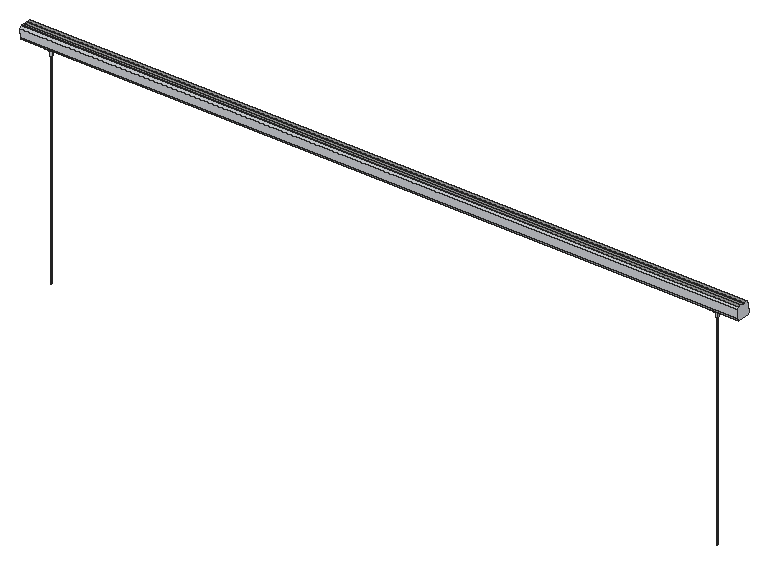
Revit family "0042533 Sylvania Lighting Fixture ISOLINE 3380MM 4K WD 5C", category Lighting Fixtures, host Face, Revit 2018
Family settings
  Host = Face
  Round Connector Dimension = Use Diameter
  Part Type = Normal
  OmniClass Number = 23.80.70.00
  OmniClass Title = Lighting
  Cut with Voids When Loaded = No
  Light Source = Yes
  Shared = No
  Room Calculation Point = No
Parameters (values of type "0042533 ISOLINE 3380MM 4K WD 5C")
  suspension height = 1000 mm
  spacer height = 5 mm
  spacer centres = 1000 mm
  height = 58.791 mm
  Width = 62 mm
  Weight = "n/a"
  Wattage Comments = ""
  Wattage = 9.2903 W
  WarrantyStartDate [instance] = "n/a"
  WarrantyGuarantorParts = "n/a"
  WarrantyDurationUnit = "n/a"
  WarrantyDurationParts = ""
  WarrantyDescription = "http://www.sylvania-lighting.com"
  built-in parameter 1150110 = 1 (stored number, unit not read)
  Voltage = 0 V
  URL = "0"
  TypeName = "ISOLINE 3380MM 4K WD 5C"
  Type Image = <None>
  Type Comments = "n/a"
  built-in parameter 1114217 = 1 (stored number, unit not read)
  Tilt Angle = 90.00°
  built-in parameter 1150109 = 1 (stored number, unit not read)
  built-in parameter 1150134 = 3
  built-in parameter 1150113 = 1 (stored number, unit not read)
  SerialNumber [instance] = "n/a"
  Photometric Web File = "0042533.ies"
  Material_3_FEILO = none
  PowerFactor = 0
  PowerConsumption = "Lighting"
  NominalLength = 62 mm
  NominalHeight = 0 mm
  NominalDepth = 0 mm
  Name = "ISOLINE 3380MM 4K WD 5C"
  ModelReference = Name  # "ISOLINE 3380MM 4K WD 5C"
  ModelNumber = "0042533"
  Model = Name  # "ISOLINE 3380MM 4K WD 5C"
  Material = "Feilo Sylvania"
  ManufacturerName = "143 lm/W"
  Manufacturer = ""
  LuminousEfficacy = ""
  built-in parameter 1150105 = 109.82 (stored number, unit not read)
  Lumens = 1380 lm
  LuminaireType = "0"
  built-in parameter 1150115 = 1 (stored number, unit not read)
  LightOutputRatio = "LED"
  built-in parameter 1150137 = (empty or 0)
  built-in parameter 1150139 = (empty or 0)
  Length = 3380 mm
  LampsType = Lamp  # "n/a"
  LampNominalLuminous = "4000 K"
  LampMacAdamStep = "80"
  LampColourTemperature = "LED"
  LampColourRenderingIndex = "16500"
  built-in parameter 1150112 = 1 (stored number, unit not read)
  built-in parameter 1150114 = 1 (stored number, unit not read)
  Lamp = "n/a"
  Keynote = "n/a"
  InstallationDate [instance] = "n/a"
  InputVoltage = "0"
  InputNominalFrequency = "4000"
  built-in parameter 1150132 = (empty or 0)
  built-in parameter 1150102 = (empty or 0)
  built-in parameter 1150107 = 3200 (stored number, unit not read)
  built-in parameter 1150138 = (empty or 0)
  IngressProtection = "IfcLightFixtureType"
  ImpactProtectionIndex = "IfcLightFixtureType"
  built-in parameter 1150106 = 1.0982 (stored number, unit not read)
  IfcExportType = "IfcLightFixtureType"
  IfcExportAs = "Class I"
  Height = 1000 mm
  ExpectedLife = 50000
  Emit from Circle Diameter = 609.6 mm
  Emit Shape Visible in Rendering = no
  ElectricShockClassification = "143"
  built-in parameter 1150104 = 13.8 (stored number, unit not read)
  DurationUnit = "hours"
  DocumentationLiterature = "http://www.sylvania-lighting.com/product/en-int/products/0042533"
  DimmingControlOptions = "n/a"
  Material_2_FEILO = none
  Dimming Lamp Color Temperature Shift = <None>
  Description = "Isoline LED linear luminaire for industrial and commercial applications. 3380 mm length with wide optics provide homogeneous light distribution for open areas. Aluminium housing, RAL 9016. Max + 35 °C operating temperature range, 4000 K, CRI 80, UGR <25, 3 SDMC. 114 W power consumption, 16300 lm luminous flux, 143 lm/W efficacy, 3380 mm x62 mm x 59 mm (L x W x H) dimensions, IP20, IK03, 220-240 V 50/60 Hz, Class I.Lifespan L70:B50 60,000 hours."
  Default Elevation = 1219.2 mm
  CreatedOn = "04/03/2021"
  CreatedBy = "@sylvania-lighting.com"
  Cost = 0
  Color Filter = 16777215
  built-in parameter 1114216 [instance] = (empty or 0)
  ClassificationValue = "EF_70_80"
  ClassificationName = "Uniclass2015"
  Material_1_FEILO = none
  BarCode [instance] = "n/a"
  built-in parameter 1114218 = 1 (stored number, unit not read)
  built-in parameter 1150133 = 10 (stored number, unit not read)
  AssetType = "Fixed"
  AssetIdentifier [instance] = "n/a"
  Assembly Code = "D5020200"
  Apparent Load = 114 VA
  Material_4_FEILO = none
Reference planes
  plane 1 "Center (Front/Back)": y = 0
  plane 2: z = 0
  plane 3 "Center (Left/Right)": x = 0
  plane 4: z = 0
  plane 5: z = 1000
  plane 6: y = 31
  plane 7: y = -31
  plane 8: x = -1690
  plane 9: x = 1690
  plane 10: x = -37.307
  plane 11: x = 55
  plane 12: z = 1058.791
  plane 13: z = 51
  plane 14: y = -27
  plane 15: y = 27
  plane 16: z = 12
  plane 17: y = -24.969
  plane 18: y = 25
  plane 19: y = 12
  plane 20: y = -12
  plane 21: z = 1.634
  plane 22: y = -8
  plane 23: y = 8
  plane 24: x = -1580
  plane 25: x = -1555
  plane 26: x = 1580
  plane 27: x = 1555
  plane 28: z = 995
  plane 29: y = 26.98
  plane 30: y = 16.98
  plane 31: y = -27.027
  plane 32: y = -17.004
  plane 33: z = 996.5
  plane 34: y = 26.002
  plane 35: y = -26.027
  plane 36: through (-1580, 7.965, 1219.2) normal (0.5391, 0.8423, 0)
  plane 37: through (-1555, 7.965, 1219.2) normal (0.5391, -0.8423, 0)
  plane 38: through (1555, 7.965, 1219.2) normal (0.5391, 0.8423, 0)
  plane 39: through (1580, 8, 1219.2) normal (0.5399, -0.8417, 0)
  plane 40: z = 1058.003
  plane 41: z = 1056.819
Forms (mm)
  Extrusion 1, solid, detail levels medium+fine
    sketch origin (-1690, -1523.717, -160.594) x (0, -1, -0.000261) y (0, 0.000261, -1)
      loop
        line (-1493, -1168.2) -> (-1497, -1160.2) -> (-1551, -1160.2) -> (-1555, -1168.2) -> (-1555, -1207.2) -> (-1549.109, -1218.982) -> (-1535.466, -1218.982) -> (-1532, -1217.566) -> (-1516, -1217.566) -> (-1512.511, -1218.991) -> (-1498.896, -1218.991) -> (-1493, -1207.2) -> (-1493, -1168.2)
    from 0 to 3380
  Extrusion 2, solid
    sketch origin (1555, 1524, 1219.189) x (0, 1, 0) y (0, 0, 1)
      loop
        line (-1497.021, -219.189) -> (-1498.02, -219.189) -> (-1507.02, -223.699) -> (-1541.004, -223.699) -> (-1550.017, -219.203) -> (-1551.02, -219.203) -> (-1541.004, -224.2) -> (-1507.02, -224.2) -> (-1497.021, -219.189)
    from 0 to 25
  Extrusion 3, solid
    sketch origin (-1580, 1524, 1219.189) x (0, 1, 0) y (0, 0, 1)
      loop
        line (-1497.021, -219.189) -> (-1498.02, -219.189) -> (-1507.02, -223.699) -> (-1541.004, -223.699) -> (-1550.017, -219.203) -> (-1551.02, -219.203) -> (-1541.004, -224.2) -> (-1507.02, -224.2) -> (-1497.021, -219.189)
    from 0 to 25
  Extrusion 4, solid
    sketch origin (4.2, 0, 0) x (1, 0, 0) y (0, 1, 0)
      loop
        circle (-1571.7, -0.035) r 5
    from 962.277 to 995
  Extrusion 5, solid
    sketch origin (3139.062, 0.065, 0) x (1, 0, 0) y (0, 1, 0)
      loop
        circle (-1571.7, -0.035) r 5
    from 962.277 to 995
  Extrusion 6, solid
    sketch origin (4.2, 0, 0) x (1, 0, 0) y (0, 1, 0)
      loop
        circle (-1571.7, -0.035) r 1.5
    from 0 to 962.277
  Extrusion 7, solid
    sketch origin (3139.076, 0.033, 0) x (1, 0, 0) y (0, 1, 0)
      loop
        circle (-1571.7, -0.035) r 1.5
    from 0 to 977.512
  Extrusion 8, solid, material "Glass, White, High Luminance", detail levels fine
    sketch origin (319, 1524, 1219.2) x (0, 1, 0) y (0, 0, 1)
      loop
        line (-1498.926, -160.099) -> (-1512.703, -160.099) -> (-1516.213, -161.534) -> (-1531.9, -161.534) -> (-1535.47, -160.114) -> (-1549.12, -160.114) -> (-1549.12, -161.197) -> (-1535.782, -161.197) -> (-1532.805, -162.381) -> (-1515.468, -162.381) -> (-1512.929, -161.197) -> (-1498.926, -161.197) -> (-1498.926, -160.099)
    from -2009 to 1371
  Extrusion 9, solid, detail levels coarse
    sketch origin (319, 1524, 1219.2) x (0, 1, 0) y (0, 0, 1)
      loop
        line (-1493, -160.052) -> (-1555, -160.052) -> (-1555, -1219.2) -> (-1493, -1219.2) -> (-1493, -160.052)
    from -2009 to 1371
Dimensions and locks
  "Width": plane 6 to plane 7
  equal spacing: plane 6, plane 1 "Center (Front/Back)", plane 7
  "Length": plane 8 to plane 9
  equal spacing: plane 8, plane 3 "Center (Left/Right)", plane 9
  "height": plane 12 to plane 5
  "suspension height": plane 5 to level
  aligned and locked: host face to plane 2
  aligned and locked: host face to level
Automatic sketch dimensions
  host sketch curve to host sketch curve = 3582.803 mm
  host sketch curve to host sketch curve = 2438.4 mm
  Extrusion 1 sketch curve to plane 29 = 0 mm
  Extrusion 1 sketch curve to plane 6 = 0.033 mm
  Extrusion 1 sketch curve to plane 12 = 11.778 mm
  Extrusion 1 sketch curve to Extrusion 1 sketch curve = 4 mm  (x2)
  Extrusion 1 sketch curve to Extrusion 1 sketch curve = 5.891 mm
  Extrusion 1 sketch curve to Extrusion 1 sketch curve = 13.643 mm
  Extrusion 1 sketch curve to Extrusion 1 sketch curve = 3.466 mm
  Extrusion 1 sketch curve to Extrusion 1 sketch curve = 16 mm
  Extrusion 1 sketch curve to Extrusion 1 sketch curve = 3.489 mm
  Extrusion 1 sketch curve to Extrusion 1 sketch curve = 13.615 mm
  Extrusion 1 sketch curve to Extrusion 1 sketch curve = 54 mm
  Extrusion 1 sketch curve to Extrusion 1 sketch curve = 47 mm
  Extrusion 1 sketch curve to Extrusion 1 sketch curve = 10.366 mm
  Extrusion 1 sketch curve to Extrusion 1 sketch curve = 1.425 mm
  Extrusion 1 sketch curve to Extrusion 1 sketch curve = 11.782 mm
  Extrusion 1 sketch curve to Extrusion 1 sketch curve = 8 mm  (x2)
  Extrusion 2 sketch curve to plane 32 = 0 mm  (x2)
  Extrusion 2 sketch curve to plane 30 = 0 mm  (x2)
  Extrusion 2 sketch curve to plane 5 = 0 mm
  Extrusion 2 sketch curve to plane 35 = 0.01 mm
  Extrusion 2 sketch curve to plane 31 = 0.007 mm
  plane 34 to Extrusion 2 sketch curve = 0.022 mm
  plane 29 to Extrusion 2 sketch curve = 0.001 mm
  Extrusion 2 sketch curve to plane 5 = 0.014 mm
  plane 28 to Extrusion 2 sketch curve = 0.489 mm
  Extrusion 2 sketch curve to plane 28 = 0.011 mm
  Extrusion 3 sketch curve to plane 32 = 0 mm  (x2)
  Extrusion 3 sketch curve to plane 30 = 0 mm  (x2)
  Extrusion 3 sketch curve to plane 5 = 0 mm
  Extrusion 3 sketch curve to plane 35 = 0.01 mm
  Extrusion 3 sketch curve to plane 31 = 0.007 mm
  plane 34 to Extrusion 3 sketch curve = 0.022 mm
  plane 29 to Extrusion 3 sketch curve = 0.001 mm
  Extrusion 3 sketch curve to plane 5 = 0.014 mm
  plane 28 to Extrusion 3 sketch curve = 0.489 mm
  Extrusion 3 sketch curve to plane 28 = 0.011 mm
  Extrusion 4 sketch curve to plane 36 = 0 mm
  plane 37 to Extrusion 4 sketch curve = 0 mm
  Extrusion 5 sketch curve to plane 1 "Center (Front/Back)" = 0.029 mm
  plane 27 to Extrusion 5 sketch curve = 12.362 mm
  Extrusion 6 sketch curve to plane 36 = 0 mm
  plane 37 to Extrusion 6 sketch curve = 0 mm
  plane 1 "Center (Front/Back)" to Extrusion 7 sketch curve = 0.002 mm
  plane 27 to Extrusion 7 sketch curve = 12.376 mm
  Extrusion 8 sketch curve to plane 40 = 0 mm  (x2)
  Extrusion 8 sketch curve to plane 41 = 0 mm
  plane 17 to Extrusion 8 sketch curve = 0.151 mm
  Extrusion 8 sketch curve to plane 20 = 0.218 mm
  plane 12 to Extrusion 8 sketch curve = 0.295 mm
  Extrusion 8 sketch curve to plane 20 = 0.53 mm
  plane 22 to Extrusion 8 sketch curve = 0.805 mm
  Extrusion 8 sketch curve to plane 22 = 0.1 mm
  plane 23 to Extrusion 8 sketch curve = 0.213 mm
  Extrusion 8 sketch curve to plane 23 = 0.532 mm
  plane 19 to Extrusion 8 sketch curve = 0.929 mm
  Extrusion 8 sketch curve to plane 18 = 0.074 mm
  plane 41 to Extrusion 8 sketch curve = 0.848 mm
  plane 19 to Extrusion 8 sketch curve = 0.703 mm
  plane 12 to Extrusion 8 sketch curve = 0.31 mm
  Extrusion 9 sketch curve to plane 7 = 0 mm
  Extrusion 9 sketch curve to plane 6 = 0 mm
  Extrusion 9 sketch curve to plane 33 = 996.5 mm
  plane 12 to Extrusion 9 sketch curve = 0.357 mm
  radius of Extrusion 4 sketch curve = 5 mm
  radius of Extrusion 5 sketch curve = 5 mm
  radius of Extrusion 6 sketch curve = 1.5 mm
  radius of Extrusion 7 sketch curve = 1.5 mm
Connectors
  electrical at (0, -0.02, 1000.004)
    settings: on Extrusion 1, index 1, voltage 0 V, apparent load 0 VA, apparent load phase1 0 VA, apparent load phase2 0 VA, apparent load phase3 0 VA, power factor 1, load classification "Other", number of poles 1, system type 31, power factor state 1, is connector primary yes, connector utility no, sub classification motor no, connector description ""
